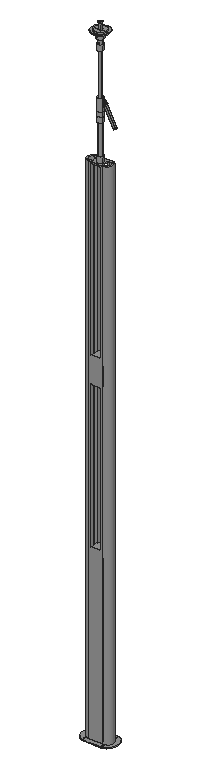
Revit family "Installationsaule_ISST70140B", category Generic Models, Revit 2017
Family settings
  Can host rebar = No
  Round Connector Dimension = Use Diameter
  Part Type = Normal
  Work Plane-Based = No
  Always vertical = Yes
  Cut with Voids When Loaded = No
  Shared = No
  Room Calculation Point = No
Parameters (values of type "ISST70140BEL")
  URL = "http://www.-obo-bettermann.com"
  Material = Aluminium
  Manufacturer Art.No. = "6290013"
  Manufacturer = "OBO BETTERMANN"
  GTIN = "4012195161219"
  Article Type = "ISST70140BEL"
Reference planes
  plane 1 "Center (Front/Back)": y = 0
  plane 2: z = 0
  plane 3 "Center (Left/Right)": x = 0
  plane 4: x = -55
  plane 5: x = 55
  plane 6: z = 3
  plane 7: x = -65
  plane 8: x = 65
  plane 9: y = 18
  plane 10: y = -18
  plane 11: y = 23
  plane 12: y = -23
  plane 13: x = 55
  plane 14: z = 1.888
  plane 15: y = 23
  plane 16: x = 55.001
  plane 17: y = 23
  plane 18: y = -23
  plane 19: x = -55
  plane 20: y = 23
  plane 21: x = -55.001
  plane 22: y = -23
  plane 23: y = 23
  plane 24: x = -55
  plane 25: y = -23
  plane 26: x = -55.001
  plane 27: y = -23
  plane 28: y = 23
  plane 29: x = 55
  plane 30: y = -23
  plane 31: x = 55.001
  plane 32: x = 55
  plane 33: y = 47.5
  plane 34: x = -55
  plane 35: y = 47.5
  plane 36: x = -55
  plane 37: y = -47.5
  plane 38: x = 55
  plane 39: y = -47.5
  plane 40: z = 3000
  plane 41: z = 1500
  plane 42: x = 0
  plane 43: x = 0
  plane 44: x = 0
  plane 45: x = 0
  plane 46: x = -0.125
  plane 47: x = 0
  plane 48: x = 0
  plane 49: x = 0
  plane 50: x = 0
  plane 51: x = 0
  plane 52: x = 0
  plane 53: x = 0
  plane 54: x = 0
  plane 55: z = 3604.974
  plane 56: y = 0
  plane 57: z = 3599.474
  plane 58: x = 13.559
  plane 59: z = 3650.989
  plane 60: y = 0
  plane 61: x = 40
  plane 62: x = -40
  plane 63: y = 0
  plane 64: y = 0
  plane 65: z = 3327.157
  plane 66: through (107.444, -1524, 3217.22) normal (0.7071, 0, -0.7071)
  plane 67: x = 73
  plane 68: x = -73
  plane 69: y = 32.5
  plane 70: y = -32.5
  plane 71: x = -40.5
  plane 72: x = 40.5
  plane 73: y = 18
  plane 74: y = -18
  plane 75: x = -55
  plane 76: y = -23
  plane 77: y = 23
  plane 78: x = 55.001
  plane 79: z = 2998
  plane 80: z = 1000
  plane 81: z = 1848
  plane 82: z = 1996
  plane 83: z = 2996
  plane 84: x = -30
  plane 85: x = 30
Forms (mm)
  Extrusion 1, solid, material "Aluminium" <- "Material"
    sketch origin (0, 0, 0) x (1, 0, 0) y (0, 1, 0)
      loop
        line (-55, -62) -> (55, -62)
        arc (55, -62) -> (102.537, 0) -> (55, 62) r 64.2
        line (55, 62) -> (-55, 62)
        arc (-55, 62) -> (-102.575, 0) -> (-55, -62) r 64.187
    from 0 to 3
  Extrusion 2, void
    sketch origin (0, 0, 0) x (1, 0, 0) y (0, 1, 0)
      loop
        arc (-60, 18) -> (-63.536, 16.536) -> (-65, 13) r 5
        line (-65, 13) -> (-65, -13)
        arc (-65, -13) -> (-63.536, -16.536) -> (-60, -18) r 5
        line (-60, -18) -> (60, -18)
        arc (60, -18) -> (63.536, -16.536) -> (65, -13) r 5
        line (65, -13) -> (65, 13)
        arc (65, 13) -> (63.536, 16.536) -> (60, 18) r 5
        line (60, 18) -> (-60, 18)
    from 0 to 3
  Extrusion 3, void
    sketch origin (0, 0, 0) x (1, 0, 0) y (0, 1, 0)
      loop
        circle (55, 23) r 2.4
    from 0 to 3
  Extrusion 4, void
    sketch origin (0, 0, 0) x (1, 0, 0) y (0, 1, 0)
      loop
        circle (55.001, 23) r 3.537
    from 1.888 to 3
  Extrusion 5, void
    sketch origin (0, 0, 0) x (-1, 0, 0) y (0, -1, 0)
      loop
        circle (55, -23) r 2.4
    from 0 to 3
  Extrusion 6, void
    sketch origin (0, 0, 0) x (-1, 0, 0) y (0, -1, 0)
      loop
        circle (55.001, -23) r 3.537
    from 1.888 to 3
  Extrusion 7, void
    sketch origin (0, 0, 0) x (-1, 0, 0) y (0, -1, 0)
      loop
        circle (55, 23) r 2.4
    from 0 to 3
  Extrusion 8, void
    sketch origin (0, 0, 0) x (-1, 0, 0) y (0, -1, 0)
      loop
        circle (55.001, 23) r 3.537
    from 1.888 to 3
  Extrusion 9, void
    sketch origin (0, 0, 0) x (1, 0, 0) y (0, 1, 0)
      loop
        circle (55, -23) r 2.4
    from 0 to 3
  Extrusion 10, void
    sketch origin (0, 0, 0) x (1, 0, 0) y (0, 1, 0)
      loop
        circle (55.001, -23) r 3.537
    from 1.888 to 3
  Extrusion 11, void
    sketch origin (0, 0, 0) x (1, 0, 0) y (0, 1, 0)
      loop
        circle (55, 47.5) r 4.25
    from 0 to 3
  Extrusion 12, void
    sketch origin (0, 0, 0) x (-1, 0, 0) y (0, -1, 0)
      loop
        circle (55, -47.5) r 4.25
    from 0 to 3
  Extrusion 13, void
    sketch origin (0, 0, 0) x (-1, 0, 0) y (0, -1, 0)
      loop
        circle (55, 47.5) r 4.25
    from 0 to 3
  Extrusion 14, void
    sketch origin (0, 0, 0) x (1, 0, 0) y (0, 1, 0)
      loop
        circle (55, -47.5) r 4.25
    from 0 to 3
  Revolve 15, solid, material "Aluminium" <- "Material"
    sketch origin (0, 0, 0) x (1, 0, 0) y (0, 0, 1)
      loop
        line (0, 3000) -> (15.468, 3000) -> (15.468, 3028.976) -> (0, 3028.976) -> (0, 3000)
      axis (0, 3028.976) -> (0, 3000)
    angle from 0 to 360
  Revolve 16, void
    sketch origin (0, 0, 0) x (1, 0, 0) y (0, 0, 1)
      loop
        line (0, 3028.976) -> (0, 3000) -> (4.993, 3000) -> (4.993, 3007.948) -> (12.47, 3007.948) -> (12.47, 3028.976) -> (0, 3028.976)
      axis (0, 3028.976) -> (0, 3000)
    angle from 0 to 360
  Revolve 17, solid, material "Aluminium" <- "Material"
    sketch origin (0, 0, 0) x (1, 0, 0) y (0, 0, 1)
      loop
        line (0, 3028.976) -> (12.47, 3028.976) -> (12.47, 3208.976) -> (0, 3208.976) -> (0, 3028.976)
      axis (0, 3208.976) -> (0, 3028.976)
    angle from 0 to 360
  Revolve 18, void
    sketch origin (0, 0, 0) x (1, 0, 0) y (0, 0, 1)
      loop
        line (0, 3028.976) -> (11.194, 3028.976) -> (11.194, 3208.976) -> (0, 3208.976) -> (0, 3028.976)
      axis (0, 3208.976) -> (0, 3028.976)
    angle from 0 to 360
  Revolve 19, solid, material "Aluminium" <- "Material"
    sketch origin (0, 0, 0) x (1, 0, 0) y (0, 0, 1)
      loop
        line (-0.125, 3208.976) -> (15.375, 3208.976) -> (15.375, 3237.974) -> (-0.125, 3237.974) -> (-0.125, 3208.976)
      axis (-0.125, 3237.974) -> (-0.125, 3208.976)
    angle from 0 to 360
  Revolve 20, void
    sketch origin (0, 0, 0) x (1, 0, 0) y (0, 0, 1)
      loop
        line (0, 3237.974) -> (0, 3208.976) -> (5, 3208.976) -> (5, 3216.963) -> (12.5, 3216.963) -> (12.5, 3237.974) -> (0, 3237.974)
      axis (0, 3237.974) -> (0, 3208.976)
    angle from 0 to 360
  Revolve 21, solid, material "Aluminium" <- "Material"
    sketch origin (0, 0, 0) x (1, 0, 0) y (0, 0, 1)
      loop
        line (0, 3237.974) -> (15.375, 3237.974) -> (15.375, 3267.974) -> (16.85, 3267.974) -> (16.85, 3330.994) -> (0, 3330.994) -> (0, 3237.974)
      axis (0, 3330.994) -> (0, 3237.974)
    angle from 0 to 360
  Revolve 22, void
    sketch origin (0, 0, 0) x (1, 0, 0) y (0, 0, 1)
      loop
        line (0, 3330.994) -> (0, 3237.974) -> (12.617, 3237.974) -> (12.617, 3267.974) -> (6.267, 3267.974) -> (6.267, 3330.994) -> (0, 3330.994)
      axis (0, 3330.994) -> (0, 3237.974)
    angle from 0 to 360
  Revolve 23, solid, material "Aluminium" <- "Material"
    sketch origin (0, 0, 0) x (1, 0, 0) y (0, 0, 1)
      loop
        line (0, 3330.994) -> (6.067, 3330.994) -> (6.067, 3580.994) -> (0, 3580.994) -> (0, 3330.994)
      axis (0, 3580.994) -> (0, 3330.994)
    angle from 0 to 360
  Revolve 24, void
    sketch origin (0, 0, 0) x (1, 0, 0) y (0, 0, 1)
      loop
        line (4.238, 3330.994) -> (4.238, 3580.994) -> (0, 3580.994) -> (0, 3330.994) -> (4.238, 3330.994)
      axis (0, 3580.994) -> (0, 3330.994)
    angle from 0 to 360
  Revolve 25, solid, material "Aluminium" <- "Material"
    sketch origin (0, 0, 0) x (1, 0, 0) y (0, 0, 1)
      loop
        line (0, 3580.994) -> (15.559, 3580.994) -> (15.559, 3610.007) -> (0, 3610.007) -> (0, 3580.994)
      axis (0, 3610.007) -> (0, 3580.994)
    angle from 0 to 360
  Revolve 26, void
    sketch origin (0, 0, 0) x (1, 0, 0) y (0, 0, 1)
      loop
        line (0, 3610.007) -> (0, 3580.994) -> (5.975, 3580.994) -> (5.975, 3593.022) -> (12.467, 3593.022) -> (12.467, 3610.007) -> (0, 3610.007)
      axis (0, 3610.007) -> (0, 3580.994)
    angle from 0 to 360
  Revolve 27, solid, material "Aluminium" <- "Material"
    sketch origin (0, 0, 0) x (1, 0, 0) y (0, 0, 1)
      loop
        line (0, 3609.974) -> (12.016, 3609.974) -> (12.016, 3641.989) -> (0, 3641.989) -> (0, 3609.974)
      axis (0, 3641.989) -> (0, 3609.974)
    angle from 0 to 360
  Revolve 28, void
    sketch origin (0, 0, 0) x (1, 0, 0) y (0, 0, 1)
      loop
        line (6.047, 3610.007) -> (6.047, 3641.989) -> (0, 3641.989) -> (0, 3593.022) -> (5.975, 3593.022) -> (5.975, 3610.068)
      axis (0, 3641.989) -> (0, 3593.022)
    angle from 0 to 360
  Revolve 29, solid, material "Aluminium" <- "Material"
    sketch origin (0, 0, 0) x (1, 0, 0) y (0, 0, 1)
      loop
        line (0, 3641.989) -> (18.483, 3641.989) -> (18.483, 3679.022) -> (0, 3679.022) -> (0, 3641.989)
      axis (0, 3679.022) -> (0, 3641.989)
    angle from 0 to 360
  Revolve 30, void
    sketch origin (0, 0, 0) x (1, 0, 0) y (0, 0, 1)
      loop
        line (0, 3641.989) -> (15.536, 3641.989) -> (15.536, 3670.953) -> (4.99, 3670.953) -> (4.99, 3674.492) -> (9.519, 3679.022) -> (0, 3679.022) -> (0, 3641.989)
      axis (0, 3679.022) -> (0, 3641.989)
    angle from 0 to 360
  Extrusion 31, void
    sketch origin (0, 0, 0) x (0, 1, 0) y (0, 0, 1)
      loop
        arc (-2.5, 3593.974) -> (0, 3591.474) -> (2.5, 3593.974) r 2.5
        line (2.5, 3593.974) -> (2.5, 3604.974)
        arc (2.5, 3604.974) -> (0, 3607.474) -> (-2.5, 3604.974) r 2.5
        line (-2.5, 3604.974) -> (-2.5, 3593.974)
    from 13.559 to 16.128
  Extrusion 32, void
    sketch origin (0, 0, 0) x (0, 1, 0) y (0, 0, 1)
      loop
        circle (0, 3650.989) r 2.5
    from 13.559 to 19.347
  Revolve 33, solid, material "Aluminium" <- "Material"
    sketch origin (0, 0, 0) x (1, 0, 0) y (0, 0, 1)
      loop
        line (0, 3679.022) -> (50, 3679.022) -> (50, 3681.568) -> (0, 3681.568) -> (0, 3679.022)
      axis (0, 3681.568) -> (0, 3679.022)
    angle from 0 to 360
  Revolve 34, void
    sketch origin (0, 0, 0) x (1, 0, 0) y (0, 0, 1)
      loop
        line (40, 3681.568) -> (40, 3679.022) -> (43.225, 3679.022) -> (43.225, 3681.568) -> (40, 3681.568)
      axis (40, 3681.568) -> (40, 3679.022)
    angle from 0 to 360
  Revolve 35, void
    sketch origin (0, 0, 0) x (1, 0, 0) y (0, 0, 1)
      loop
        line (-40, 3679.022) -> (-36.796, 3679.022) -> (-36.796, 3681.568) -> (-40, 3681.568) -> (-40, 3679.022)
      axis (-40, 3681.568) -> (-40, 3679.022)
    angle from 0 to 360
  Revolve 36, solid, material "Aluminium" <- "Material"
    sketch origin (0, 0, 0) x (1, 0, 0) y (0, 0, 1)
      loop
        line (0, 3681.568) -> (35, 3681.568) -> (35, 3685.568) -> (0, 3685.568) -> (0, 3681.568)
      axis (0, 3685.568) -> (0, 3681.568)
    angle from 0 to 360
  Revolve 37, void
    sketch origin (0, 0, 0) x (1, 0, 0) y (0, 0, 1)
      loop
        line (0, 3679.022) -> (8.95, 3679.022) -> (8.95, 3681.568) -> (0, 3681.568) -> (0, 3679.022)
      axis (0, 3681.568) -> (0, 3679.022)
    angle from 0 to 360
  Revolve 38, void
    sketch origin (0, 0, 0) x (1, 0, 0) y (0, 0, 1)
      loop
        line (0, 3681.568) -> (12.508, 3681.568) -> (12.508, 3685.568) -> (0, 3685.568) -> (0, 3681.568)
      axis (0, 3685.568) -> (0, 3681.568)
    angle from 0 to 360
  Extrusion 39, solid, material "Aluminium" <- "Material"
    sketch origin (0, 0, 0) x (1, 0, 0) y (0, 0, 1)
      loop
        line (16.774, 3327.139) -> (16.774, 3287.95) -> (36.368, 3307.545) -> (16.774, 3327.139)
    from 3.303 to 6.129
  Extrusion 40, solid, material "Aluminium" <- "Material"
    sketch origin (0, 0, 0) x (1, 0, 0) y (0, 0, 1)
      loop
        line (16.774, 3327.139) -> (16.774, 3287.95) -> (36.368, 3307.545) -> (16.774, 3327.139)
    from -6.098 to -3.31
  Extrusion 41, solid, material "Aluminium" <- "Material"
    sketch origin (0, 0, 0) x (1, 0, 0) y (0, 0, 1)
      loop
        line (36.368, 3307.545) -> (24.7, 3295.876) -> (83.776, 3193.553) -> (90.847, 3200.624) -> (36.368, 3307.545)
    from -3.31 to 3.303
  Revolve 42, solid, material "Aluminium" <- "Material"
    sketch origin (0, 0, 0) x (1, 0, 0) y (0, 0, 1)
      loop
        line (0, 3676.027) -> (5, 3676.027) -> (5, 3720.982) -> (10, 3725.982) -> (0, 3725.982) -> (0, 3676.027)
      axis (0, 3725.982) -> (0, 3676.027)
    angle from 0 to 360
  Extrusion 43, solid, material "Aluminium" <- "Material"
    sketch origin (0, 0, 0) x (1, 0, 0) y (0, 1, 0)
      loop
        arc (-40.5, 32.5) -> (-73, 0) -> (-40.5, -32.5) r 32.5
        line (-40.5, -32.5) -> (40.5, -32.5)
        arc (40.5, -32.5) -> (73, 0) -> (40.5, 32.5) r 32.5
        line (40.5, 32.5) -> (-40.5, 32.5)
    from 0 to 3000
  Extrusion 44, void
    sketch origin (0, 0, 0) x (1, 0, 0) y (0, 1, 0)
      loop
        arc (-53.823, 18.131) -> (-63, 0.11) -> (-54, -18) r 22.5
        line (-54, -18) -> (-34, -18)
        arc (-34, -18) -> (-30.464, -16.536) -> (-29, -13) r 5
        line (-29, -13) -> (-29, 13.131)
        arc (-29, 13.131) -> (-30.464, 16.667) -> (-34, 18.131) r 5
        line (-34, 18.131) -> (-53.823, 18.131)
      loop
        line (53.823, 18.131) -> (33.952, 18.131)
        arc (33.952, 18.131) -> (30.416, 16.667) -> (28.952, 13.131) r 5
        line (28.952, 13.131) -> (28.952, -13.036)
        arc (28.952, -13.036) -> (30.416, -16.571) -> (33.952, -18.036) r 5
        line (33.952, -18.036) -> (53.952, -18.036)
        arc (53.952, -18.036) -> (63, 0.08) -> (53.823, 18.131) r 22.5
    from 0 to 3000
  Extrusion 45, void
    sketch origin (0, 0, 0) x (1, 0, 0) y (0, 1, 0)
      loop
        circle (0, 0) r 5.5
    from 2996 to 3000
  Extrusion 46, void
    sketch origin (0, 0, 0) x (1, 0, 0) y (0, 1, 0)
      loop
        circle (-55, 23) r 2.4
      loop
        circle (-55, -23) r 2.4
      loop
        circle (55.001, 23) r 2.4
      loop
        circle (55.001, -23) r 2.4
    from 2998 to 3000
  Extrusion 47, void
    sketch origin (0, 0, 0) x (1, 0, 0) y (0, 0, 1)
      loop
        line (-30, 1000) -> (30, 1000) -> (30, 1848) -> (-30, 1848) -> (-30, 1000)
    from -32.5 to 32.5
  Extrusion 48, void
    sketch origin (0, 0, 0) x (1, 0, 0) y (0, 0, 1)
      loop
        line (-30, 1996) -> (30, 1996) -> (30, 2996) -> (-30, 2996) -> (-30, 1996)
    from -32.5 to 32.5
Cuts and joins
  Extrusion 2, Extrusion 3, Extrusion 4, Extrusion 5, Extrusion 6, Extrusion 7, Extrusion 8, Extrusion 9, Extrusion 10, Extrusion 11, Extrusion 12, Extrusion 13, Extrusion 14, Extrusion 47 cuts Extrusion 1
  Revolve 16 cuts Revolve 15
  Revolve 18 cuts Revolve 17
  Revolve 20 cuts Revolve 19
  Revolve 22 cuts Revolve 21
  Revolve 24 cuts Revolve 23
  Revolve 26, Extrusion 31 cuts Revolve 25
  Revolve 28, Revolve 30 cuts Revolve 27
  Revolve 30, Extrusion 32 cuts Revolve 29
  Revolve 34, Revolve 35, Revolve 37, Revolve 38 cuts Revolve 33
  Revolve 37, Revolve 38 cuts Revolve 36
  Extrusion 44, Extrusion 45, Extrusion 46, Extrusion 47, Extrusion 48 cuts Extrusion 43
Dimensions and locks
  locked: plane 3 "Center (Left/Right)" to plane 5 at 55
  locked: plane 4 to plane 3 "Center (Left/Right)" at 55
  locked: Extrusion 1 sketch curve to Extrusion 1 sketch curve at 124
  locked: plane 1 "Center (Front/Back)" to Extrusion 1 sketch curve at 62
  locked: plane 3 "Center (Left/Right)" to Extrusion 1 sketch curve at 102.537
  locked: Extrusion 1 sketch curve to plane 3 "Center (Left/Right)" at 102.575
  locked: plane 6 to level at 3
  locked: plane 1 "Center (Front/Back)" to plane 9 at 18
  locked: plane 10 to plane 1 "Center (Front/Back)" at 18
  locked: plane 7 to plane 3 "Center (Left/Right)" at 65
  locked: plane 3 "Center (Left/Right)" to plane 8 at 65
  locked: Extrusion 2 sketch curve to Extrusion 2 sketch curve at 130
  locked: Extrusion 2 sketch curve to Extrusion 2 sketch curve at 36
  locked: plane 1 "Center (Front/Back)" to plane 11 at 23
  locked: plane 12 to plane 1 "Center (Front/Back)" at 23
  plane 3 "Center (Left/Right)" to plane 13 = 55 mm
  locked: plane 13 to Extrusion 3 sketch curve at 0
  locked: Extrusion 3 sketch curve to plane 11 at 2.4
  locked: cut or joined group 1 (Extrusion 1, Extrusion 2, Extrusion 3, Extrusion 4, Extrusion 5, Extrusion 6, Extrusion 7, Extrusion 8, Extrusion 9, Extrusion 10, Extrusion 11, Extrusion 12, Extrusion 13, Extrusion 14, Extrusion 47) to plane 14 at 1.112
  locked: plane 3 "Center (Left/Right)" to plane 16 at 55.001
  locked: plane 1 "Center (Front/Back)" to plane 15 at 23
  locked: plane 16 to Extrusion 4 sketch curve at 0
  locked: Extrusion 4 sketch curve to plane 15 at 3.537
  locked: plane 19 to Extrusion 5 sketch curve at 0
  locked: Extrusion 5 sketch curve to plane 17 at 2.4
  locked: plane 21 to Extrusion 6 sketch curve at 0
  locked: Extrusion 6 sketch curve to plane 20 at 3.537
  locked: plane 24 to Extrusion 7 sketch curve at 0
  locked: Extrusion 7 sketch curve to plane 22 at 2.4
  locked: plane 26 to Extrusion 8 sketch curve at 0
  locked: Extrusion 8 sketch curve to plane 25 at 3.537
  locked: plane 29 to Extrusion 9 sketch curve at 0
  locked: Extrusion 9 sketch curve to plane 27 at 2.4
  locked: plane 31 to Extrusion 10 sketch curve at 0
  locked: Extrusion 10 sketch curve to plane 30 at 3.537
  locked: plane 1 "Center (Front/Back)" to plane 33 at 47.5
  locked: plane 3 "Center (Left/Right)" to plane 32 at 55
  locked: plane 32 to Extrusion 11 sketch curve at 0
  locked: Extrusion 11 sketch curve to plane 33 at 4.25
  locked: plane 34 to Extrusion 12 sketch curve at 0
  locked: Extrusion 12 sketch curve to plane 35 at 4.25
  locked: plane 36 to Extrusion 13 sketch curve at 0
  locked: Extrusion 13 sketch curve to plane 37 at 4.25
  locked: plane 38 to Extrusion 14 sketch curve at 0
  locked: Extrusion 14 sketch curve to plane 39 at 4.25
  plane 40 to level = 3000 mm
  locked: cut or joined group 1 to cut or joined group 1 at 36  (x3)
  locked: Revolve 15 sketch curve to Revolve 15 sketch curve at 15.468
  locked: Revolve 16 sketch curve to Revolve 16 sketch curve at 12.47
  locked: Revolve 16 sketch curve to Revolve 16 sketch curve at 4.993
  locked: Revolve 17 sketch curve to Revolve 17 sketch curve at 12.47
  locked: Revolve 17 sketch curve to cut or joined group of Revolve 15, Revolve 16 at 180
  locked: Revolve 18 sketch curve to Revolve 18 sketch curve at 11.194
  locked: Revolve 19 sketch curve to Revolve 19 sketch curve at 15.5
  locked: Revolve 19 sketch curve to cut or joined group of Revolve 17, Revolve 18 at 28.998
  locked: Revolve 20 sketch curve to Revolve 20 sketch curve at 5
  locked: Revolve 20 sketch curve to Revolve 20 sketch curve at 12.5
  locked: Revolve 19 to Revolve 19 at 28.998
  Revolve 21 sketch curve to Revolve 21 sketch curve = 16.85 mm
  locked: Revolve 21 sketch curve to Revolve 21 sketch curve at 15.375
  locked: Revolve 21 sketch curve to cut or joined group of Revolve 19, Revolve 20 at 93.021
  locked: Revolve 22 sketch curve to Revolve 22 sketch curve at 6.267
  locked: Revolve 22 sketch curve to Revolve 22 sketch curve at 12.617
  locked: Revolve 21 to Revolve 21 at 93.021
  locked: Revolve 23 sketch curve to Revolve 23 sketch curve at 6.067
  locked: Revolve 23 sketch curve to cut or joined group of Revolve 21, Revolve 22 at 250
  locked: Revolve 24 sketch curve to Revolve 24 sketch curve at 4.238
  locked: Revolve 25 sketch curve to Revolve 25 sketch curve at 15.559
  locked: Revolve 25 sketch curve to Revolve 25 sketch curve at 29.013
  locked: Revolve 26 sketch curve to Revolve 26 sketch curve at 5.975
  locked: Revolve 26 sketch curve to Revolve 26 sketch curve at 12.467
  locked: Revolve 25 to Revolve 25 at 29.013
  locked: Revolve 27 sketch curve to cut or joined group of Revolve 25, Revolve 26, Extrusion 31 at 31.981
  locked: Revolve 27 sketch curve to Revolve 27 sketch curve at 12.016
  locked: Revolve 27 to cut or joined group of Revolve 25, Revolve 26, Extrusion 31 at 48.966
  locked: Revolve 28 sketch curve to Revolve 28 sketch curve at 6.047
  locked: Revolve 29 sketch curve to Revolve 29 sketch curve at 37.033
  locked: Revolve 29 sketch curve to Revolve 29 sketch curve at 18.483
  locked: Revolve 30 sketch curve to Revolve 30 sketch curve at 15.536
  locked: Revolve 30 sketch curve to Revolve 30 sketch curve at 4.99
  locked: Revolve 29 to Revolve 30 sketch curve at 8.069
  locked: cut or joined group of Revolve 25, Revolve 26, Extrusion 31 to plane 55 at 5.034
  locked: Extrusion 31 sketch curve to Extrusion 31 sketch curve at 5
  locked: Extrusion 31 sketch curve to plane 56 at 2.5
  plane 55 to Extrusion 31 sketch curve = 13.5 mm
  locked: Extrusion 31 sketch curve to Extrusion 31 sketch curve at 11
  locked: cut or joined group of Revolve 25, Revolve 26, Extrusion 31 to plane 58 at 2
  locked: Extrusion 32 sketch curve to plane 59 at 2.5
  locked: Revolve 33 sketch curve to Revolve 33 sketch curve at 50
  locked: Revolve 33 sketch curve to cut or joined group of Revolve 29, Revolve 30, Extrusion 32 at 2.546
  locked: plane 3 "Center (Left/Right)" to plane 61 at 40
  locked: Revolve 34 sketch curve to Revolve 34 sketch curve at 3.225
  locked: plane 62 to plane 54 at 40
  locked: cut or joined group of Revolve 33, Revolve 34, Revolve 35, Revolve 37, Revolve 38 to cut or joined group of Revolve 33, Revolve 34, Revolve 35, Revolve 37, Revolve 38 at 2.546  (x2)
  locked: Revolve 35 sketch curve to Revolve 35 sketch curve at 3.204
  locked: Revolve 36 sketch curve to Revolve 36 sketch curve at 35
  locked: Revolve 36 sketch curve to cut or joined group of Revolve 33, Revolve 34, Revolve 35, Revolve 37, Revolve 38 at 4
  locked: Revolve 37 sketch curve to plane 54 at 0
  locked: Revolve 37 sketch curve to Revolve 37 sketch curve at 8.95
  locked: Revolve 38 sketch curve to Revolve 38 sketch curve at 12.508
  locked: cut or joined group of Revolve 21, Revolve 22 to Extrusion 39 at 3.855
  locked: Extrusion 39 to cut or joined group of Revolve 21, Revolve 22 at 19.976
  locked: plane 63 to Extrusion 40 at 3.31
  locked: Extrusion 39 to plane 63 at 3.303
  locked: Extrusion 39 to Extrusion 41 sketch curve at 114.127
  locked: plane 3 "Center (Left/Right)" to plane 67 at 73
  locked: plane 68 to plane 3 "Center (Left/Right)" at 73
  locked: plane 1 "Center (Front/Back)" to plane 69 at 32.5
  locked: plane 70 to plane 1 "Center (Front/Back)" at 32.5
  locked: plane 68 to plane 71 at 32.5
  locked: plane 72 to plane 67 at 32.5
  locked: Extrusion 43 sketch curve to Extrusion 43 sketch curve at 65
  locked: plane 3 "Center (Left/Right)" to Extrusion 43 sketch curve at 73
  locked: Extrusion 43 sketch curve to plane 3 "Center (Left/Right)" at 73
  locked: plane 1 "Center (Front/Back)" to plane 73 at 18
  locked: plane 74 to plane 1 "Center (Front/Back)" at 18
  locked: Extrusion 44 sketch curve to Extrusion 44 sketch curve at 34.048
  locked: Extrusion 44 sketch curve to Extrusion 44 sketch curve at 34
  locked: Extrusion 44 sketch curve to Extrusion 44 sketch curve at 57.952
  locked: plane 1 "Center (Front/Back)" to Extrusion 45 sketch curve at 5.5
  locked: plane 3 "Center (Left/Right)" to Extrusion 45 sketch curve
  locked: cut or joined group 1 to plane 77 at 2.4  (x2)
  locked: cut or joined group 1 to plane 76 at 2.4  (x2)
  locked: plane 75 to Extrusion 46 sketch curve at 0  (x2)
  locked: plane 78 to Extrusion 46 sketch curve at 0
  locked: plane 78 to Extrusion 46 sketch curve
  locked: plane 40 to plane 79 at 2
  locked: plane 80 to cut or joined group 1 at 1000
  locked: plane 81 to plane 80 at 848
  Extrusion 47 to plane 3 "Center (Left/Right)" = 30 mm
  locked: plane 82 to plane 81 at 148
  plane 40 to plane 82 = 1004 mm
  cut or joined group of Extrusion 43, Extrusion 44, Extrusion 45, Extrusion 46, Extrusion 47, Extrusion 48 to plane 83 = 4 mm
  locked: Revolve 29 to Revolve 30 sketch curve (angle 45.00°)
  locked: Extrusion 39 sketch curve to Extrusion 39 sketch curve (angle 90.00°)
  aligned and locked: level to plane 2
  aligned and locked: plane 6 to Extrusion 1
  aligned and locked: Extrusion 2 to level
  aligned and locked: Extrusion 1 to Extrusion 2
  aligned and locked: Extrusion 3 to level
  aligned and locked: Extrusion 1 to Extrusion 3
  aligned and locked: Extrusion 4 to plane 14
  aligned and locked: Extrusion 1 to Extrusion 4
  aligned and locked: Extrusion 11 to level
  aligned and locked: Extrusion 1 to Extrusion 11
  aligned and locked: plane 42 to plane 3 "Center (Left/Right)"
  aligned and locked: plane 42 to Revolve 15 sketch curve  (x2)
  aligned and locked: plane 43 to plane 3 "Center (Left/Right)"
  aligned and locked: Revolve 16 sketch curve to Revolve 15
  aligned and locked: Revolve 16 sketch curve to plane 43
  aligned and locked: plane 40 to Revolve 16 sketch curve
  aligned and locked: plane 43 to Revolve 16 sketch curve
  aligned and locked: plane 44 to plane 3 "Center (Left/Right)"
  aligned and locked: plane 44 to Revolve 17 sketch curve  (x2)
  aligned and locked: Revolve 17 sketch curve to cut or joined group of Revolve 15, Revolve 16
  aligned and locked: plane 45 to plane 3 "Center (Left/Right)"
  aligned and locked: Revolve 17 to Revolve 18 sketch curve
  aligned and locked: plane 45 to Revolve 18 sketch curve  (x2)
  aligned and locked: Revolve 18 sketch curve to cut or joined group of Revolve 15, Revolve 16
  aligned and locked: plane 46 to plane 3 "Center (Left/Right)"
  aligned and locked: Revolve 19 sketch curve to cut or joined group of Revolve 17, Revolve 18
  aligned and locked: plane 46 to Revolve 19 sketch curve
  aligned and locked: Revolve 19 sketch curve to Revolve 19 sketch curve
  aligned and locked: plane 47 to plane 3 "Center (Left/Right)"
  aligned and locked: plane 47 to Revolve 20 sketch curve
  aligned and locked: plane 48 to plane 3 "Center (Left/Right)"
  aligned and locked: plane 48 to Revolve 21 sketch curve
  aligned and locked: plane 49 to plane 3 "Center (Left/Right)"
  aligned and locked: cut or joined group of Revolve 19, Revolve 20 to Revolve 22 sketch curve
  aligned and locked: Revolve 22 sketch curve to Revolve 21
  aligned and locked: plane 49 to Revolve 22 sketch curve
  aligned and locked: plane 50 to plane 3 "Center (Left/Right)"
  aligned and locked: plane 50 to Revolve 23 sketch curve  (x2)
  aligned and locked: plane 51 to plane 3 "Center (Left/Right)"
  aligned and locked: Revolve 24 sketch curve to Revolve 23
  aligned and locked: Revolve 24 sketch curve to plane 51
  aligned and locked: cut or joined group of Revolve 21, Revolve 22 to Revolve 24 sketch curve
  aligned and locked: Revolve 24 sketch curve to Revolve 24 sketch curve
  aligned and locked: Revolve 25 sketch curve to cut or joined group of Revolve 23, Revolve 24
  aligned and locked: plane 52 to Revolve 25 sketch curve  (x2)
  aligned and locked: plane 53 to plane 3 "Center (Left/Right)"
  aligned and locked: Revolve 26 sketch curve to plane 53
  aligned and locked: cut or joined group of Revolve 23, Revolve 24 to Revolve 26 sketch curve
  aligned and locked: Revolve 26 sketch curve to Revolve 25
  aligned and locked: plane 53 to Revolve 26 sketch curve
  aligned and locked: plane 54 to plane 3 "Center (Left/Right)"
  aligned and locked: plane 54 to Revolve 27 sketch curve
  aligned and locked: Revolve 28 sketch curve to cut or joined group of Revolve 25, Revolve 26, Extrusion 31
  aligned and locked: Revolve 27 to Revolve 28 sketch curve
  aligned and locked: plane 54 to Revolve 28 sketch curve  (x2)
  aligned and locked: Revolve 29 sketch curve to cut or joined group of Revolve 27, Revolve 28, Revolve 30
  aligned and locked: plane 54 to Revolve 29 sketch curve  (x2)
  aligned and locked: Revolve 30 sketch curve to Revolve 29
  aligned and locked: plane 54 to Revolve 30 sketch curve  (x2)
  aligned and locked: plane 56 to plane 1 "Center (Front/Back)"
  aligned and locked: Extrusion 31 to plane 58
  aligned and locked: plane 60 to plane 1 "Center (Front/Back)"
  aligned and locked: Extrusion 32 to cut or joined group of Revolve 25, Revolve 26, Extrusion 31
  aligned and locked: plane 54 to Revolve 33 sketch curve  (x2)
  aligned and locked: Revolve 33 sketch curve to cut or joined group of Revolve 29, Revolve 30, Extrusion 32
  aligned and locked: Revolve 33 to Revolve 34 sketch curve
  aligned and locked: Revolve 34 sketch curve to Revolve 33
  aligned and locked: plane 61 to Revolve 34 sketch curve
  aligned and locked: Revolve 34 sketch curve to Revolve 34 sketch curve  (x2)
  aligned and locked: Revolve 35 sketch curve to cut or joined group of Revolve 33, Revolve 34, Revolve 35, Revolve 37, Revolve 38
  aligned and locked: Revolve 35 sketch curve to plane 62
  aligned and locked: Revolve 35 sketch curve to Revolve 35 sketch curve
  aligned and locked: Revolve 36 sketch curve to cut or joined group of Revolve 33, Revolve 34, Revolve 35, Revolve 37, Revolve 38
  aligned and locked: plane 54 to Revolve 36 sketch curve  (x2)
  aligned and locked: Revolve 37 sketch curve to cut or joined group of Revolve 33, Revolve 34, Revolve 35, Revolve 37, Revolve 38
  aligned and locked: plane 54 to Revolve 37 sketch curve
  aligned and locked: Revolve 38 sketch curve to cut or joined group of Revolve 33, Revolve 34, Revolve 35, Revolve 37, Revolve 38
  aligned and locked: cut or joined group of Revolve 36, Revolve 37, Revolve 38 to Revolve 38 sketch curve
  aligned and locked: plane 54 to Revolve 38 sketch curve  (x2)
  aligned and locked: plane 64 to plane 63
  aligned and locked: Extrusion 41 sketch curve to Extrusion 39
  aligned and locked: Extrusion 41 to Extrusion 40
  aligned and locked: Extrusion 41 to Extrusion 39
  aligned and locked: plane 54 to Revolve 42 sketch curve
  aligned and locked: Extrusion 44 to level
  aligned and locked: plane 40 to Extrusion 43
  aligned and locked: plane 40 to Extrusion 45
  aligned and locked: plane 40 to Extrusion 46
  aligned and locked: Extrusion 46 to plane 79
  aligned and locked: Extrusion 47 to plane 80
  aligned and locked: plane 81 to Extrusion 47
  aligned and locked: Extrusion 47 to cut or joined group of Extrusion 43, Extrusion 44, Extrusion 45, Extrusion 46, Extrusion 47, Extrusion 48
  aligned and locked: plane 84 to cut or joined group of Extrusion 43, Extrusion 44, Extrusion 45, Extrusion 46, Extrusion 47, Extrusion 48
  aligned and locked: plane 85 to cut or joined group of Extrusion 43, Extrusion 44, Extrusion 45, Extrusion 46, Extrusion 47, Extrusion 48
  aligned and locked: Extrusion 48 sketch curve to plane 84
  aligned and locked: Extrusion 48 sketch curve to plane 85
  aligned and locked: Extrusion 45 to Extrusion 48
  aligned and locked: cut or joined group of Extrusion 43, Extrusion 44, Extrusion 45, Extrusion 46, Extrusion 47, Extrusion 48 to Extrusion 47  (x2)
  aligned and locked: Extrusion 43 to Extrusion 48  (x2)
Automatic sketch dimensions
  Extrusion 1 sketch curve to plane 4 = 0 mm  (x2)
  plane 1 "Center (Front/Back)" to Extrusion 1 sketch curve = 0 mm
  Extrusion 1 sketch curve to plane 5 = 0 mm
  Extrusion 3 sketch curve to plane 11 = 0 mm
  Extrusion 4 sketch curve to plane 15 = 0 mm
  Extrusion 5 sketch curve to plane 17 = 0 mm
  Extrusion 6 sketch curve to plane 20 = 0 mm
  plane 22 to Extrusion 7 sketch curve = 0 mm
  plane 25 to Extrusion 8 sketch curve = 0 mm
  plane 27 to Extrusion 9 sketch curve = 0 mm
  plane 30 to Extrusion 10 sketch curve = 0 mm
  Extrusion 11 sketch curve to plane 33 = 0 mm
  Extrusion 12 sketch curve to plane 35 = 0 mm
  plane 37 to Extrusion 13 sketch curve = 0 mm
  plane 39 to Extrusion 14 sketch curve = 0 mm
  Extrusion 2 sketch curve to plane 7 = 0 mm
  Extrusion 2 sketch curve to plane 10 = 0 mm
  plane 7 to Extrusion 2 sketch curve = 5 mm  (x2)
  Extrusion 2 sketch curve to plane 8 = 5 mm  (x2)
  Revolve 15 sketch curve to Revolve 15 sketch curve = 12.267 mm
  Revolve 15 sketch curve to Revolve 15 sketch curve = 17.733 mm
  plane 40 to Revolve 16 sketch curve = 7.948 mm
  Revolve 16 sketch curve to Revolve 16 sketch curve = 3.099 mm
  Revolve 16 sketch curve to Revolve 16 sketch curve = 18.001 mm
  Revolve 17 sketch curve to Revolve 17 sketch curve = 20 mm
  Revolve 17 sketch curve to Revolve 17 sketch curve = 65 mm
  Revolve 18 sketch curve to Revolve 18 sketch curve = 65 mm
  Revolve 18 sketch curve to Revolve 18 sketch curve = 5 mm
  Revolve 19 sketch curve to Revolve 19 sketch curve = 3.998 mm
  Revolve 19 sketch curve to Revolve 19 sketch curve = 0 mm
  Revolve 20 sketch curve to plane 3 "Center (Left/Right)" = 0 mm
  plane 40 to Revolve 20 sketch curve = 208.976 mm
  Revolve 20 sketch curve to Revolve 20 sketch curve = 7.988 mm
  Revolve 20 sketch curve to Revolve 20 sketch curve = 21.01 mm
  Revolve 20 sketch curve to Revolve 20 sketch curve = 7.931 mm
  Revolve 20 sketch curve to Revolve 20 sketch curve = 3.421 mm
  Revolve 21 sketch curve to plane 3 "Center (Left/Right)" = 0 mm
  Revolve 21 sketch curve to Revolve 21 sketch curve = 63.021 mm
  Revolve 21 sketch curve to Revolve 21 sketch curve = 30 mm
  Revolve 21 sketch curve to Revolve 21 sketch curve = 13.021 mm
  Revolve 21 sketch curve to Revolve 21 sketch curve = 10 mm
  Revolve 22 sketch curve to plane 3 "Center (Left/Right)" = 0 mm
  Revolve 22 sketch curve to Revolve 22 sketch curve = 30 mm
  Revolve 22 sketch curve to Revolve 22 sketch curve = 28.021 mm
  Revolve 22 sketch curve to Revolve 22 sketch curve = 5 mm
  Revolve 23 sketch curve to Revolve 23 sketch curve = 250 mm
  Revolve 23 sketch curve to Revolve 23 sketch curve = 35 mm
  Revolve 23 sketch curve to Revolve 23 sketch curve = 15 mm
  Revolve 24 sketch curve to Revolve 24 sketch curve = 55 mm
  Revolve 24 sketch curve to Revolve 24 sketch curve = 10 mm
  Revolve 25 sketch curve to Revolve 25 sketch curve = 7.025 mm
  Revolve 25 sketch curve to Revolve 25 sketch curve = 7.975 mm
  Revolve 26 sketch curve to Revolve 26 sketch curve = 12.028 mm
  Revolve 26 sketch curve to Revolve 26 sketch curve = 2.148 mm
  Revolve 26 sketch curve to Revolve 26 sketch curve = 6.358 mm
  Revolve 27 sketch curve to plane 3 "Center (Left/Right)" = 0 mm
  Revolve 27 sketch curve to Revolve 27 sketch curve = 32.015 mm
  Revolve 27 sketch curve to Revolve 27 sketch curve = 8.437 mm
  Revolve 27 sketch curve to Revolve 27 sketch curve = 15 mm
  plane 3 "Center (Left/Right)" to Revolve 28 sketch curve = 5.975 mm
  Revolve 28 sketch curve to Revolve 28 sketch curve = 16.985 mm
  Revolve 28 sketch curve to Revolve 28 sketch curve = 0.061 mm
  Revolve 28 sketch curve to Revolve 28 sketch curve = 6.912 mm
  Revolve 28 sketch curve to Revolve 28 sketch curve = 10 mm
  Revolve 29 sketch curve to Revolve 29 sketch curve = 2.88 mm
  Revolve 29 sketch curve to Revolve 29 sketch curve = 21.112 mm
  Revolve 30 sketch curve to Revolve 30 sketch curve = 4.529 mm
  Revolve 30 sketch curve to Revolve 30 sketch curve = 3.539 mm
  Revolve 30 sketch curve to Revolve 30 sketch curve = 3.012 mm
  Revolve 30 sketch curve to Revolve 30 sketch curve = 8.92 mm
  Extrusion 32 sketch curve to plane 1 "Center (Front/Back)" = 0 mm
  Extrusion 32 sketch curve to plane 59 = 0 mm
  Revolve 33 sketch curve to Revolve 33 sketch curve = 0.983 mm
  Revolve 33 sketch curve to Revolve 33 sketch curve = 12.584 mm
  Revolve 34 sketch curve to Revolve 34 sketch curve = 6.007 mm
  Revolve 35 sketch curve to Revolve 35 sketch curve = 2.546 mm
  Revolve 35 sketch curve to Revolve 35 sketch curve = 1.265 mm
  Revolve 35 sketch curve to Revolve 35 sketch curve = 0 mm
  Revolve 36 sketch curve to Revolve 36 sketch curve = 4.212 mm
  Revolve 36 sketch curve to Revolve 36 sketch curve = 8.25 mm
  Revolve 37 sketch curve to Revolve 37 sketch curve = 2.546 mm
  Revolve 37 sketch curve to Revolve 37 sketch curve = 0.409 mm
  Revolve 37 sketch curve to Revolve 37 sketch curve = 7.045 mm
  Revolve 38 sketch curve to Revolve 38 sketch curve = 4 mm
  Revolve 38 sketch curve to Revolve 38 sketch curve = 5.276 mm
  Revolve 38 sketch curve to Revolve 38 sketch curve = 6.852 mm
  plane 58 to Extrusion 39 sketch curve = 3.214 mm
  plane 58 to Extrusion 39 sketch curve = 22.809 mm
  plane 40 to Extrusion 39 sketch curve = 287.95 mm
  Extrusion 39 sketch curve to Extrusion 39 sketch curve = 19.595 mm
  plane 58 to Extrusion 40 sketch curve = 22.809 mm
  plane 40 to Extrusion 40 sketch curve = 307.545 mm
  plane 58 to Extrusion 40 sketch curve = 3.214 mm
  Extrusion 40 sketch curve to Extrusion 40 sketch curve = 19.595 mm
  plane 58 to Extrusion 41 sketch curve = 70.217 mm
  Extrusion 41 sketch curve to Extrusion 41 sketch curve = 7.071 mm
  plane 58 to Extrusion 41 sketch curve = 11.14 mm
  Extrusion 41 sketch curve to Extrusion 41 sketch curve = 11.669 mm
  Revolve 42 sketch curve to plane 3 "Center (Left/Right)" = 0 mm
  plane 3 "Center (Left/Right)" to Revolve 42 sketch curve = 5 mm
  Revolve 42 sketch curve to plane 58 = 3.559 mm
  plane 65 to Revolve 42 sketch curve = 348.87 mm
  Revolve 42 sketch curve to Revolve 42 sketch curve = 44.955 mm
  Revolve 42 sketch curve to Revolve 42 sketch curve = 5 mm
  Revolve 42 sketch curve to Revolve 42 sketch curve = 16.338 mm
  Revolve 42 sketch curve to Revolve 42 sketch curve = 10 mm
  Revolve 15 sketch curve to plane 40 = 0 mm
  plane 40 to Revolve 15 sketch curve = 28.976 mm
  Extrusion 43 sketch curve to plane 70 = 0 mm
  Extrusion 44 sketch curve to plane 74 = 0 mm
  plane 1 "Center (Front/Back)" to Extrusion 44 sketch curve = 0 mm  (x2)
  plane 73 to Extrusion 44 sketch curve = 0.131 mm  (x2)
  Extrusion 44 sketch curve to Extrusion 44 sketch curve = 0.177 mm
  Extrusion 44 sketch curve to Extrusion 44 sketch curve = 5 mm
  Extrusion 44 sketch curve to plane 73 = 4.869 mm  (x2)
  plane 58 to Extrusion 44 sketch curve = 15.393 mm
  Extrusion 44 sketch curve to Extrusion 44 sketch curve = 6.548 mm
  Extrusion 44 sketch curve to plane 74 = 0.036 mm
  plane 74 to Extrusion 44 sketch curve = 4.964 mm
  plane 1 "Center (Front/Back)" to Extrusion 45 sketch curve = 0 mm
  Extrusion 46 sketch curve to plane 76 = 0 mm  (x2)
  Extrusion 46 sketch curve to plane 77 = 0 mm  (x2)
  plane 6 to Extrusion 47 sketch curve = 997 mm
  Extrusion 47 sketch curve to plane 3 "Center (Left/Right)" = 30 mm
  plane 58 to Extrusion 47 sketch curve = 16.441 mm
  plane 6 to Extrusion 47 sketch curve = 1845 mm
  Extrusion 48 sketch curve to plane 83 = 0 mm
  Extrusion 48 sketch curve to plane 82 = 0 mm
  radius of Extrusion 46 sketch curve = 2.4 mm  (x4)
